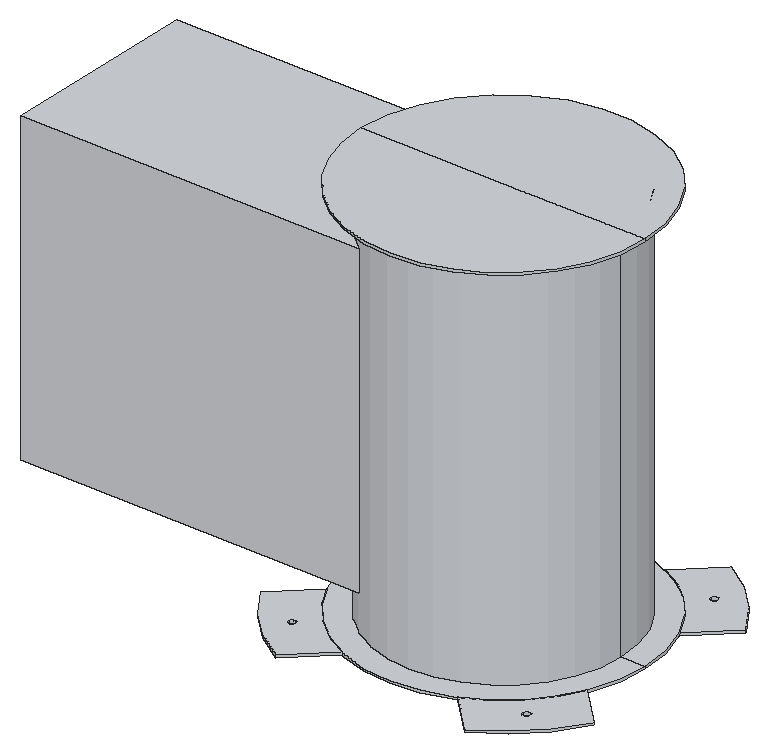
Revit family "VAHB_Downblast_Floor_Mount", category Mechanical Equipment, Revit 2019
Family settings
  Round Connector Dimension = Use Radius
  Part Type = Normal
  Work Plane-Based = No
  Always vertical = Yes
  Cut with Voids When Loaded = No
  Shared = No
  Room Calculation Point = No
Parameters (values of type "12_VAHB_DOWNBLAST_FLOOR")
  Unit Weight [instance] = ""
  ModelID [instance] = ""
  L/2 = L / 2  # 0' - 6 3/32"
  J/2 = J / 2  # 0' - 8 5/8"
  J-A = J - A  # 0' - 5 1/4"
  J = 1' - 5 1/4"
  K/2 = K / 2  # 0' - 0 3/16"
  K = 0' - 0 3/8"
  L-(C/2) = L - (C / 2)  # 0' - 5 1/2"
  L = 1' - 0 3/16"
  H-(A/2) = H - (A / 2)  # 1' - 3"
  H+L = H + L  # 2' - 9 3/16"
  H = 1' - 9"
  Sones [instance] = ""
  Motor RPM [instance] = ""
  Motor Enclosure [instance] = ""
  LwA [instance] = ""
  G = 6' - 0"
  Fan RPM [instance] = ""
  F/2 = F / 2  # 0' - 0 5/32"
  F = 0' - 0 5/16"
  E/2 = E / 2  # 0' - 10"
  E-2" = E - 0' 2"  # 1' - 6"
  E-.125" = E - 0' 0 1/8"  # 1' - 7 7/8"
  E = 1' - 8"
  C/2+L = C / 2 + L  # 1' - 6 7/8"
  C/2 = C / 2  # 0' - 6 11/16"
  C = 1' - 1 3/8"
  B/2 = B / 2  # 0' - 7 3/8"
  B = 1' - 2 3/4"
  Accessories [instance] = ""
  A/3 = A / 2.5  # 0' - 4.8"
  A/2 = A / 2  # 0' - 6"
  A = 1' - 0"
  60 = 60.00°  # constant formula
  45 = 45.00°
  30 = 30.00°  # constant formula
  3" = 0' - 3"  # constant formula
  Brake Hp [instance] = ""
  4" = 0' - 4"  # constant formula
  2' = 2' - 0"
  2" = 0' - 2"  # constant formula
  1" = 0' - 1"  # constant formula
  0 = 0' - 0"  # constant formula
  Voltage [instance] = 0 V
  URL = "www.lorencook.com"
  Type Comments = "Fixed Pitch Vane Axial Downblast Floor Mount Belt Drive Arrangement 9"  # constant formula
  Static Pressure [instance] = 0.00 in-wg
  Power [instance] = Voltage * Motor FLA * sqrt(if(Phase = 3, 3, 1))  # 0 VA
  Phase [instance] = 0
  Number of Poles [instance] = 1
  Motor Hp [instance] = "0"
  Motor FLA [instance] = 0 A
  Model = "VAHB"  # constant formula
  Manufacturer = "Loren Cook Company"
  CFM [instance] = 0 CFM
  1.5 = 0' - 1 1/2"  # constant formula
  ONE EIGTH = 0' - 0 1/8"  # constant formula
  -E/2 = -E / 2  # -0' - 10"
  -(E-.25")/2 = -(E - 0' 0 1/4") / 2  # -0' - 9 7/8"
  (L/2)-1" = (L / 2) - 0' 1"  # 0' - 5 3/32"
  (J-A)/2 = (J - A) / 2  # 0' - 2 5/8"
  (J+(J-A))/2 = (J + (J / 2 - A / 2)) / 2  # 0' - 9 15/16"
  (H-(A/2))/2 = (H - (A / 2)) / 2  # 0' - 7 1/2"
  (E-.25")/2 = (E - 0' 0 1/4") / 2  # 0' - 9 7/8"
  (A+.25")/2 = (A + 0' 0 1/4") / 2  # 0' - 6 1/8"
Types (12): name | L/2 | J/2 | J-A | J | K/2 | K | L-(C/2) | L | H-(A/2) | H+L | H | G | F/2 | F | E/2 | E-2" | E-.125" | E | C/2+L | C/2 | C | B/2 | B | A/3 | A/2 | A | -E/2 | -(E-.25")/2 | (L/2)-1" | (J-A)/2 | (J+(J-A))/2 | (H-(A/2))/2 | (E-.25")/2 | (A+.25")/2
  (no name) | 0' - 6 3/32" | 0' - 8 5/8" | 0' - 5 1/4" | 1' - 5 1/4" | 0' - 0 3/16" | 0' - 0 3/8" | 0' - 5 1/2" | 1' - 0 3/16" | 1' - 3" | 2' - 9 3/16" | 1' - 9" | 6' - 0" | 0' - 0 5/32" | 0' - 0 5/16" | 0' - 10" | 1' - 6" | 1' - 7 7/8" | 1' - 8" | 1' - 6 7/8" | 0' - 6 11/16" | 1' - 1 3/8" | 0' - 7 3/8" | 1' - 2 3/4" | 0' - 4.8" | 0' - 6" | 1' - 0" | -0' - 10" | -0' - 9 7/8" | 0' - 5 3/32" | 0' - 2 5/8" | 0' - 9 15/16" | 0' - 7 1/2" | 0' - 9 7/8" | 0' - 6 1/8"
  12_VAHB_DOWNBLAST_FLOOR | 0' - 6 3/32" | 0' - 8 5/8" | 0' - 5 1/4" | 1' - 5 1/4" | 0' - 0 3/16" | 0' - 0 3/8" | 0' - 5 1/2" | 1' - 0 3/16" | 1' - 3" | 2' - 9 3/16" | 1' - 9" | 6' - 0" | 0' - 0 5/32" | 0' - 0 5/16" | 0' - 10" | 1' - 6" | 1' - 7 7/8" | 1' - 8" | 1' - 6 7/8" | 0' - 6 11/16" | 1' - 1 3/8" | 0' - 7 3/8" | 1' - 2 3/4" | 0' - 4.8" | 0' - 6" | 1' - 0" | -0' - 10" | -0' - 9 7/8" | 0' - 5 3/32" | 0' - 2 5/8" | 0' - 9 15/16" | 0' - 7 1/2" | 0' - 9 7/8" | 0' - 6 1/8"
  14_VAHB_DOWNBLAST_FLOOR | 0' - 6 13/16" | 0' - 9 5/8" | 0' - 5 1/4" | 1' - 7 1/4" | 0' - 0 3/16" | 0' - 0 3/8" | 0' - 5 7/8" | 1' - 1 5/8" | 1' - 5" | 3' - 1 5/8" | 2' - 0" | 6' - 0" | 0' - 0 5/32" | 0' - 0 5/16" | 0' - 11 1/2" | 1' - 9" | 1' - 10 7/8" | 1' - 11" | 1' - 9 3/8" | 0' - 7 3/4" | 1' - 3 1/2" | 0' - 8 3/8" | 1' - 4 3/4" | 0' - 5.6" | 0' - 7" | 1' - 2" | -0' - 11 1/2" | -0' - 11 3/8" | 0' - 5 13/16" | 0' - 2 5/8" | 0' - 10 15/16" | 0' - 8 1/2" | 0' - 11 3/8" | 0' - 7 1/8"
  18_VAHB_DOWNBLAST_FLOOR | 0' - 8 7/32" | 0' - 11 5/8" | 0' - 5 1/4" | 1' - 11 1/4" | 0' - 0 3/16" | 0' - 0 3/8" | 0' - 6 9/16" | 1' - 4 7/16" | 1' - 6 1/4" | 3' - 7 11/16" | 2' - 3 1/4" | 12' - 0" | 0' - 0 7/32" | 0' - 0 7/16" | 1' - 2 1/2" | 2' - 3" | 2' - 4 7/8" | 2' - 5" | 2' - 2 5/16" | 0' - 9 7/8" | 1' - 7 3/4" | 0' - 10 5/8" | 1' - 9 1/4" | 0' - 7.2" | 0' - 9" | 1' - 6" | -1' - 2 1/2" | -1' - 2 3/8" | 0' - 7 7/32" | 0' - 2 5/8" | 1' - 0 15/16" | 0' - 9 1/8" | 1' - 2 3/8" | 0' - 9 1/8"
  21_VAHB_DOWNBLAST_FLOOR | 0' - 9 9/32" | 1' - 1 1/8" | 0' - 5 1/4" | 2' - 2 1/4" | 0' - 0 3/16" | 0' - 0 3/8" | 0' - 7 3/16" | 1' - 6 9/16" | 1' - 9" | 4' - 2 1/16" | 2' - 7 1/2" | 12' - 0" | 0' - 0 7/32" | 0' - 0 7/16" | 1' - 3 1/2" | 2' - 5" | 2' - 6 7/8" | 2' - 7" | 2' - 5 15/16" | 0' - 11 3/8" | 1' - 10 3/4" | 1' - 0 1/8" | 2' - 0 1/4" | 0' - 8.4" | 0' - 10 1/2" | 1' - 9" | -1' - 3 1/2" | -1' - 3 3/8" | 0' - 8 9/32" | 0' - 2 5/8" | 1' - 2 7/16" | 0' - 10 1/2" | 1' - 3 3/8" | 0' - 10 5/8"
  26_VAHB_DOWNBLAST_FLOOR | 0' - 11 3/32" | 1' - 3 11/16" | 0' - 5 3/8" | 2' - 7 3/8" | 0' - 0 3/16" | 0' - 0 3/8" | 0' - 8 3/16" | 1' - 10 3/16" | 1' - 9 1/2" | 4' - 8 11/16" | 2' - 10 1/2" | 12' - 0" | 0' - 0 7/32" | 0' - 0 7/16" | 1' - 4" | 2' - 6" | 2' - 7 7/8" | 2' - 8" | 3' - 0 3/16" | 1' - 2" | 2' - 4" | 1' - 3 5/32" | 2' - 6 5/16" | 0' - 10.4" | 1' - 1" | 2' - 2" | -1' - 4" | -1' - 3 7/8" | 0' - 10 3/32" | 0' - 2 11/16" | 1' - 5 1/32" | 0' - 10 3/4" | 1' - 3 7/8" | 1' - 1 1/8"
  29_VAHB_DOWNBLAST_FLOOR | 1' - 0 1/2" | 1' - 5 11/16" | 0' - 6 3/8" | 2' - 11 3/8" | 0' - 0 7/32" | 0' - 0 7/16" | 0' - 9 1/2" | 2' - 1" | 2' - 2" | 5' - 5 1/2" | 3' - 4 1/2" | 12' - 0" | 0' - 0 7/32" | 0' - 0 7/16" | 1' - 6" | 2' - 10" | 2' - 11 7/8" | 3' - 0" | 3' - 4 1/2" | 1' - 3 1/2" | 2' - 7" | 1' - 4 21/32" | 2' - 9 5/16" | 0' - 11.6" | 1' - 2 1/2" | 2' - 5" | -1' - 6" | -1' - 5 7/8" | 0' - 11 1/2" | 0' - 3 3/16" | 1' - 7 9/32" | 1' - 1" | 1' - 5 7/8" | 1' - 2 5/8"
  36_VAHB_DOWNBLAST_FLOOR | 1' - 3 11/32" | 1' - 9 11/16" | 0' - 7 3/8" | 3' - 7 3/8" | 0' - 0 7/32" | 0' - 0 7/16" | 0' - 11 11/16" | 2' - 6 11/16" | 2' - 3 1/2" | 6' - 4 3/16" | 3' - 9 1/2" | 16' - 0" | 0' - 0 9/32" | 0' - 0 9/16" | 1' - 9" | 3' - 4" | 3' - 5 7/8" | 3' - 6" | 4' - 1 11/16" | 1' - 7" | 3' - 2" | 1' - 8 5/32" | 3' - 4 5/16" | 1' - 2.4" | 1' - 6" | 3' - 0" | -1' - 9" | -1' - 8 7/8" | 1' - 2 11/32" | 0' - 3 11/16" | 1' - 11 17/32" | 1' - 1 3/4" | 1' - 8 7/8" | 1' - 6 1/8"
  42_VAHB_DOWNBLAST_FLOOR | 1' - 5 3/32" | 2' - 0 3/16" | 0' - 6 3/8" | 4' - 0 3/8" | 0' - 0 7/32" | 0' - 0 7/16" | 1' - 0" | 2' - 10 3/16" | 2' - 5 1/2" | 7' - 0 11/16" | 4' - 2 1/2" | 16' - 0" | 0' - 0 9/32" | 0' - 0 9/16" | 2' - 1" | 4' - 0" | 4' - 1 7/8" | 4' - 2" | 4' - 8 3/8" | 1' - 10 3/16" | 3' - 8 3/8" | 1' - 10 21/32" | 3' - 9 5/16" | 1' - 4.8" | 1' - 9" | 3' - 6" | -2' - 1" | -2' - 0 7/8" | 1' - 4 3/32" | 0' - 3 3/16" | 2' - 1 25/32" | 1' - 2 3/4" | 2' - 0 7/8" | 1' - 9 1/8"
  48_VAHB_DOWNBLAST_FLOOR | 1' - 7 15/16" | 2' - 4 3/16" | 0' - 8 3/8" | 4' - 8 3/8" | 0' - 0 7/32" | 0' - 0 7/16" | 1' - 2 5/8" | 3' - 3 7/8" | 2' - 6" | 7' - 9 7/8" | 4' - 6" | 16' - 0" | 0' - 0 9/32" | 0' - 0 9/16" | 2' - 4" | 4' - 6" | 4' - 7 7/8" | 4' - 8" | 5' - 5 1/8" | 2' - 1 1/4" | 4' - 2 1/2" | 2' - 2 19/32" | 4' - 5 3/16" | 1' - 7.2" | 2' - 0" | 4' - 0" | -2' - 4" | -2' - 3 7/8" | 1' - 6 15/16" | 0' - 4 3/16" | 2' - 6 9/32" | 1' - 3" | 2' - 3 7/8" | 2' - 0 1/8"
  54_VAHB_DOWNBLAST_FLOOR | 1' - 10 3/32" | 2' - 7 1/4" | 0' - 8 1/2" | 5' - 2 1/2" | 0' - 0 7/32" | 0' - 0 7/16" | 1' - 3 15/16" | 3' - 8 3/16" | 2' - 8 1/2" | 8' - 7 11/16" | 4' - 11 1/2" | 16' - 0" | 0' - 0 9/32" | 0' - 0 9/16" | 2' - 7" | 5' - 0" | 5' - 1 7/8" | 5' - 2" | 6' - 0 7/16" | 2' - 4 1/4" | 4' - 8 1/2" | 2' - 5 23/32" | 4' - 11 7/16" | 1' - 9.6" | 2' - 3" | 4' - 6" | -2' - 7" | -2' - 6 7/8" | 1' - 9 3/32" | 0' - 4 1/4" | 2' - 9 3/8" | 1' - 4 1/4" | 2' - 6 7/8" | 2' - 3 1/8"
  60_VAHB_DOWNBLAST_FLOOR | 2' - 0 7/32" | 2' - 10 1/4" | 0' - 8 1/2" | 5' - 8 1/2" | 0' - 0 7/32" | 0' - 0 7/16" | 1' - 4 13/16" | 4' - 0 7/16" | 2' - 11" | 9' - 5 7/16" | 5' - 5" | 16' - 0" | 0' - 0 9/32" | 0' - 0 9/16" | 2' - 10 1/2" | 5' - 7" | 5' - 8 7/8" | 5' - 9" | 6' - 8 1/16" | 2' - 7 5/8" | 5' - 3 1/4" | 2' - 8 23/32" | 5' - 5 7/16" | 2' - 0" | 2' - 6" | 5' - 0" | -2' - 10 1/2" | -2' - 10 3/8" | 1' - 11 7/32" | 0' - 4 1/4" | 3' - 0 3/8" | 1' - 5 1/2" | 2' - 10 3/8" | 2' - 6 1/8"
Reference planes (in)
  plane 1 "Center (Front/Back)": y = 0
  plane 2: z = 0
  plane 3 "Center (Left/Right)": x = 0.40541
Forms (in)
  Revolve 1, solid
    sketch origin (0, 0, 0) x (1, 0, 0) y (0, 0, 1)
      loop
        line (0.40541, 0) -> (7.78041, 0) -> (7.78041, 0.125) -> (6.53041, 0.125) -> (6.53041, 19.875) -> (7.78041, 19.875) -> (7.78041, 20) -> (0.40541, 20) -> (0.40541, 0)
      axis (0.40541, 20) -> (0.40541, 0)
    angle from 0 to 360
  Extrusion 2, solid
    sketch origin (0, 0, 0) x (1, 0, 0) y (0, 1, 0)
      loop
        line (-2.99596, 5.09375) -> (-20.59459, 5.09375) -> (-20.59459, -5.09375) -> (-2.99596, -5.09375)
        arc (-2.99596, -5.09375) -> (-5.71959, 0) -> (-2.99596, 5.09375) r 6.125
    from 2 to 18 <- "E-2""
  Extrusion 3, solid
    sketch origin (0, 0, 0) x (1, 0, 0) y (0, 1, 0)
      loop
        line (-2.61183, 6.72955) -> (-4.51572, 8.63344)
        arc (-4.51572, 8.63344) -> (-6.62146, 7.02687) -> (-8.22803, 4.92113) r 9.9375
        line (-8.22803, 4.92113) -> (-6.32414, 3.01724)
        arc (-6.32414, 3.01724) -> (-4.8095, 5.21491) -> (-2.61183, 6.72955) r 7.375
      loop
        arc (3.42265, 6.72955) -> (5.62032, 5.21491) -> (7.13496, 3.01724) r 7.375
        line (7.13496, 3.01724) -> (9.03886, 4.92113)
        arc (9.03886, 4.92113) -> (7.43229, 7.02687) -> (5.32655, 8.63344) r 9.9375
        line (5.32655, 8.63344) -> (3.42265, 6.72955)
      loop
        line (3.42265, -6.72955) -> (5.32655, -8.63344)
        arc (5.32655, -8.63344) -> (7.43229, -7.02687) -> (9.03886, -4.92113) r 9.9375
        line (9.03886, -4.92113) -> (7.13496, -3.01724)
        arc (7.13496, -3.01724) -> (5.62032, -5.21491) -> (3.42265, -6.72955) r 7.375
      loop
        arc (-2.61183, -6.72955) -> (-4.8095, -5.21491) -> (-6.32414, -3.01724) r 7.375
        line (-6.32414, -3.01724) -> (-8.22803, -4.92113)
        arc (-8.22803, -4.92113) -> (-6.62146, -7.02687) -> (-4.51572, -8.63344) r 9.9375
        line (-4.51572, -8.63344) -> (-2.61183, -6.72955)
    from 0 to 0.125
  Extrusion 4, void
    sketch origin (0, 0, 0) x (1, 0, 0) y (0, 1, 0)
      loop
        circle (6.49916, 6.09375) r 0.1875
      loop
        circle (-5.68834, 6.09375) r 0.1875
      loop
        circle (-5.68834, -6.09375) r 0.1875
      loop
        circle (6.49916, -6.09375) r 0.1875
    from 0 to 20 <- "E"
Cuts and joins
  Extrusion 4 cuts Revolve 1
  Extrusion 4 cuts Extrusion 2
  Extrusion 4 cuts Extrusion 3
Dimensions and locks (in)
  "0": Revolve 1 sketch curve to plane 3 "Center (Left/Right)"  (x2)
  "E": Revolve 1 sketch curve to Revolve 1 sketch curve
  "0": Revolve 1 sketch curve to level
  "ONE EIGTH": Revolve 1 sketch curve to Revolve 1 sketch curve  (x2)
  "(A+.25")/2": Revolve 1 sketch curve to Revolve 1 sketch curve
  "B/2": Revolve 1 sketch curve to Revolve 1 sketch curve  (x2)
  "(L/2)-1"": plane 1 "Center (Front/Back)" to Extrusion 2 sketch curve
  "(L/2)-1"": Extrusion 2 sketch curve to plane 1 "Center (Front/Back)"
  "H": Extrusion 2 sketch curve to plane 3 "Center (Left/Right)"
  "0": Extrusion 2 sketch curve to plane 3 "Center (Left/Right)"
  "0": Extrusion 2 sketch curve to plane 1 "Center (Front/Back)"
  "(J-A)/2": plane 3 "Center (Left/Right)" to Extrusion 3 sketch curve  (x4)
  "(J-A)/2": Extrusion 3 sketch curve to plane 3 "Center (Left/Right)"  (x3)
  "0": Extrusion 3 sketch curve to plane 3 "Center (Left/Right)"  (x6)
  "0": Extrusion 3 sketch curve to plane 1 "Center (Front/Back)"  (x7)
  "0": plane 1 "Center (Front/Back)" to Extrusion 3 sketch curve
  "0": plane 3 "Center (Left/Right)" to Extrusion 3 sketch curve  (x2)
  "J-A": Extrusion 3 sketch curve to Extrusion 3 sketch curve
  "L/2": plane 3 "Center (Left/Right)" to Extrusion 4 sketch curve  (x4)
  "L/2": plane 1 "Center (Front/Back)" to Extrusion 4 sketch curve  (x4)
  "(A+.25")/2": radius of Extrusion 2 sketch curve
  "B/2": radius of Extrusion 3 sketch curve  (x4)
  "(J+(J-A))/2": radius of Extrusion 3 sketch curve  (x4)
  "K/2": radius of Extrusion 4 sketch curve  (x4)
  "45": angle plane 3 "Center (Left/Right)" to Extrusion 3 sketch curve  (x2)
  "45": angle Extrusion 3 sketch curve to plane 1 "Center (Front/Back)"  (x2)
  "45": angle Extrusion 3 sketch curve to plane 3 "Center (Left/Right)"  (x2)
  "45": angle plane 1 "Center (Front/Back)" to Extrusion 3 sketch curve  (x2)
Automatic sketch dimensions
  Revolve 1 sketch curve to level = 0' - 0"
  Revolve 1 sketch curve to Revolve 1 sketch curve = 1' - 0"
  Extrusion 2 sketch curve to Extrusion 2 sketch curve = 0' - 0"
Connectors (in)
  electrical at (-11.79527, -5.09375, 10)
    settings: on cut or joined group of Extrusion 2, Extrusion 4, index 1, voltage 0 V, apparent load 0 VA, apparent load phase1 0 VA, apparent load phase2 0 VA, apparent load phase3 0 VA, power factor 1, load classification "Other", number of poles 1, system type 14, power factor state 1, is connector primary yes, connector utility no, sub classification motor no, connector description ""
  hvac at (0.40541, 0, 20), driven by "A/2"
    settings: on cut or joined group of Revolve 1, Extrusion 4, index 2, duct flow 0 CFM, flow factor 0, pres drop 0.00 in-wg, loss coef 0, conn angle 0.00°, conn width 12", conn height 12", conn diameter 12", duct sys type 29, conn prof type 0, flow config 0, flow direction 1, loss method 0, conn ref index -1, conn util no, is conn primary yes, conn desc ""
  hvac at (0.40541, 0, 0.125), driven by "A/2"
    settings: on cut or joined group of Revolve 1, Extrusion 4, index 3, duct flow 0 CFM, flow factor 0, pres drop 0.00 in-wg, loss coef 0, conn angle 0.00°, conn width 12", conn height 12", conn diameter 12", duct sys type 29, conn prof type 0, flow config 0, flow direction 2, loss method 0, conn ref index -1, conn util no, is conn primary no, conn desc ""
